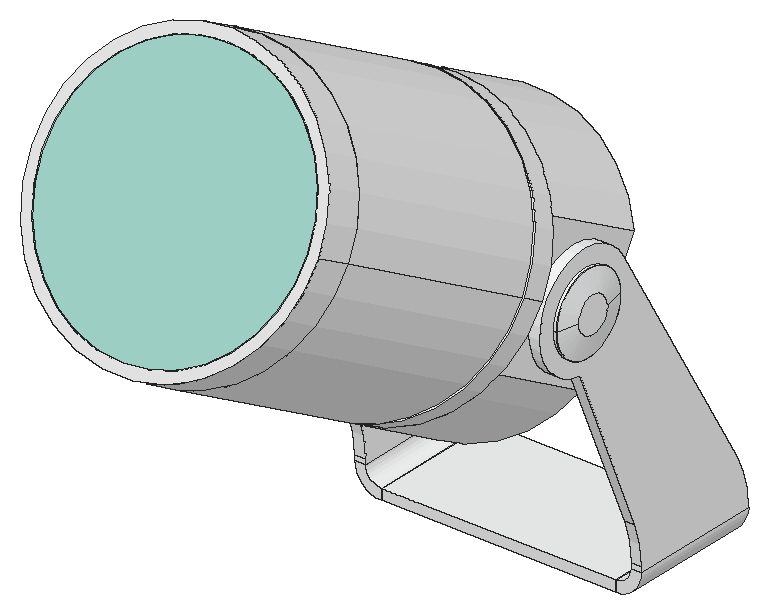
Revit family "Ginko 2.4", category Lighting Fixtures, Revit 2017
Family settings
  Round Connector Dimension = Use Diameter
  Part Type = Normal
  OmniClass Number = 23.80.70.00
  OmniClass Title = Lighting
  Work Plane-Based = Yes
  Always vertical = No
  Cut with Voids When Loaded = No
  Light Source = No
  Shared = No
  Room Calculation Point = Yes
Parameters (values of type "Ginko 2.4_ R1_zoom 9° (3000K 7W 24 Vdc)")
  X1 = 100 mm
  Wiring = "-"
  Width mm = 54 mm
  Weight kg = "0.45"
  Voltage = 24 V
  Vertical rotation max = 190.00°
  Vertical Rotation max_1 [instance] = 50.00°
  Vertical Rotation Adjusted [instance] = if(Vertical Rotation 2 < Vertical Rotation min, Vertical Rotation min, if(Vertical Rotation 2 > Vertical Rotation max_1, Vertical Rotation max_1, Vertical Rotation 2))  # -60.00°
  Vertical Rotation 2 [instance] = Vertical Rotation - 90.00°  # -60.00°
  Vertical Rotation min [instance] = -140.00°
  URL Accessories and power supply units = "https://www.lucelight.it/en/prodotto.php/106779#a-scheda-accessori"
  URL = "https://www.lucelight.it/en/prodotto.php/106779"
  Top = L&L_White
  URL Technical sheet = "https://www.lucelight.it/media/prodotti/st/ST_GINKO_24.pdf"
  URL Image = "https://www.lucelight.it/media/prodotti/foto/ginko_2.4_still.jpg"
  URL IES Photometric file = "https://www.lucelight.it/media/prodotti/fotometrie/ginko_2.4_ies.zip"
  URL General code = "https://www.lucelight.it/en/prodotto.php/106779#a-generacodice"
  URL Description = "https://www.lucelight.it/it/capitolato.php/106779"
  URL DXF = "https://www.lucelight.it/media/prodotti/dxf/ginko_2.4.dxf"
  URL Catalogue = "https://www.lucelight.it/media/prodotti/brochure/ginko_brochure_en.pdf"
  Power supply unit = "not included"
  Power supply = "24Vdc"
  Power cables = "includes 1,5 m neoprene cable, H05RN-F 2x0,75/0,75 Ø6,3 mm"
  Power = "7W"
  Optics = "9°"
  No. and type of led = "1 high intensity power LED; 3-step MacAdam; 50000h L90 B10 (Ta 25°C)"
  Model = "Ginko 2.4"
  Manufacturer = "L&L Luce&Light"
  Light Source = Light Source_2.4 : R1_zoom 9°
  Geometry = Ginko2.4_mod : Ginko_2.4
  Notes = "-"
  Mounting = "surface mounted (ceiling, wall, ground, spike)"
  Middle = L&L_White
  Material = "body in anticorodal aluminium, AISI 316L stainless steel bracket, screen in tempered, transparent extra-clear glass"
  Lumen output at source = "657 lm (3000K, CRI 80), 608 lm (3000K, CRI 90)"
  Description = "Outdoor projectors"
  Base = L&L_White
  Lens = L&L_Lens
  Length mm = 83 mm
  LED Colour = "3000K (also available: 2700K and 4000K - ref. URL Technical sheet)"
  IP = "66"
  Height mm = 125 mm
  H1 = 55 mm
  Vertical Rotation [instance] = 30.00°
  Features = "-"
  Energy efficiency class = "A A+ A++"
  Delivered lumen output = "122 lm (3000K, 36°, CRI 80); 113 lm (3000K, 36°, CRI 90)"
  Default Elevation = 1219.2 mm
  Cutout dimensions = "-"
  Control system = "-"
  Contact = "T: +39 0444 360571; E: lucelight@lucelight.it"
  Company = "L&L Luce&Light"
  Code = "GN2401 R1 E White; GN2401 R1 N Black anodized; GN2401 R1 F Grey; GN2401 R1 H Anthracite; GN2232 R1 T Cor-ten; GN2401 R1 5 Jasper green"
  CRI = "90 (also available: CRI 80 - ref. URL Technical sheet)"
  Base bracket = Ginko2.0_Base bracket : Ginko2.0_Base bracket
  Bracket = L&L_Stainless steel
  Apparent Load Phase 1 = 7 W
Types (4, lengths in mm): name | Optics | Light Source
  Ginko 2.4_ R1_zoom 18° (3000K 7W 24 Vdc) | "18°" | Light Source_2.4 : R1_zoom 18°
  Ginko 2.4_ R1_zoom 31° (3000K 7W 24 Vdc) | "31°" | Light Source_2.4 : R1_zoom 31°
  Ginko 2.4_ R1_zoom 36° (3000K 7W 24 Vdc) | "36°" | Light Source_2.4 : R1_zoom 36°
  Ginko 2.4_ R1_zoom 9° (3000K 7W 24 Vdc) | "9°" | Light Source_2.4 : R1_zoom 9°
Reference planes
  plane 1 "Light Source Axis (F/B)": y = 0
  plane 2: z = 0
  plane 3 "Light Source Axis (L/R)": x = 0
  plane 4 "Light Source Elevation": z = 55
  plane 5: y = 100
Lines and regions (mm)
  reference lines
    curve 1: line (0, 100, 55) -> (0, 151.962, 25)
Dimensions and locks
  "X1": plane 1 "Light Source Axis (F/B)" to plane 5
  "H1": level to plane 4 "Light Source Elevation"
  "Vertical Rotation Adjusted": angle plane 1 "Light Source Axis (F/B)" to curve 1
  aligned and locked: level to plane 2
  aligned and locked: plane 5 to curve 1
  aligned and locked: plane 4 "Light Source Elevation" to curve 1
Nested families
  nested 1: "Ginko2.0_Base bracket" at (0, 100, 0), type <- "Base bracket", type "Ginko2.0_Base bracket"
  nested 2: "Ginko2.4_mod" at (0, 108.66, 50) x (1, 0, 0) z (0, -0.866, 0.5), type <- "Geometry", type "Ginko_2.4"
  nested 3: "Light Source_2.4" at (0.041, 37.057, 91.379) x (0, 0.5, 0.866) z (0, -0.866, 0.5), type <- "Light Source", type "R1_zoom 9°"
Connectors
  electrical at (0, 100, 0), driven by "Voltage", driven by "Apparent Load Phase 1"
    settings: index 1, voltage 24 V, apparent load 0 VA, apparent load phase1 7 VA, apparent load phase2 0 VA, apparent load phase3 0 VA, power factor 1, load classification "Lighting", number of poles 1, system type 31, power factor state 1, is connector primary yes, connector utility no, sub classification motor no, connector description ""
Definition of nested family "Ginko2.0_Base bracket"
  Parameters (values of type "Ginko2.0_Base bracket")
    Lenght Ginko braket 4 = 0.7 mm
    Lenght Ginko braket 3 = 1.6 mm
    Lenght Ginko braket 2 = 43.391 mm
    Lenght Ginko braket = 84 mm
    Default Elevation = 1219.2 mm
    Base Braket = none
  Reference planes
    plane 1 "Light Source Axis (F/B)": y = 0
    plane 2: z = 0
    plane 3 "Light Source Axis (L/R)": x = 0
    plane 4 "Light Source Elevation": z = 1500
    plane 5: x = 0
  Forms (mm)
    Extrusion 1, solid, material <- "Base Braket", detail levels coarse
      sketch origin (27, -86.295, 0) x (0, 1, 0) y (0, 0, -1)
        loop
          line (103.615, 0) -> (78.12, -60.061) -> (95.061, -60.061) -> (130.209, 0) -> (103.615, 0)
      from 0 to 54
    Extrusion 2, solid, material <- "Base Braket", detail levels medium+fine
      sketch origin (-0.3, 0, 0) x (1, 0, 0) y (0, 1, 0)
        loop
          line (22.3, 38.11) -> (-21.7, 38.11) -> (-21.7, 13.11) -> (22.3, 13.11) -> (22.3, 38.11)
      from 0 to 2
    Extrusion 3, solid, material <- "Base Braket", detail levels medium
      sketch origin (-27, 246.043, -311.567) x (0, -1, 0) y (0, 0, -1)
        loop
          arc (237.371, -371.871) -> (255.236, -372.292) -> (247.606, -356.133) r 10.5
          line (247.606, -356.133) -> (234.523, -325.313)
          arc (234.523, -325.313) -> (233.335, -321.486) -> (232.933, -317.498) r 20
          line (232.933, -317.498) -> (232.933, -316.567) -> (207.938, -316.567)
          arc (207.938, -316.567) -> (208.686, -321.582) -> (210.672, -326.247) r 20
          line (210.672, -326.247) -> (237.371, -371.871)
      from 0 to 2
    Extrusion 4, solid, material <- "Base Braket", detail levels medium
      sketch origin (151.029, 38.11, 0.083) x (-1, 0, 0) y (0, 0, -1)
        loop
          line (176.029, -4.917) -> (178.029, -4.917)
          arc (178.029, -4.917) -> (176.565, -1.382) -> (173.029, 0.083) r 5
          line (173.029, 0.083) -> (173.029, -1.917)
          arc (173.029, -1.917) -> (175.15, -2.796) -> (176.029, -4.917) r 3
      from 0 to 25
    Extrusion 5, solid, material <- "Base Braket", detail levels fine
      sketch origin (151.029, 38.11, 0.083) x (-1, 0, 0) y (0, 0, -1)
        loop
          line (176.029, -4.917) -> (178.029, -4.917)
          arc (178.029, -4.917) -> (176.565, -1.382) -> (173.029, 0.083) r 5
          line (173.029, 0.083) -> (173.029, -1.917)
          arc (173.029, -1.917) -> (175.15, -2.796) -> (176.029, -4.917) r 3
      from 0 to 25
    Extrusion 6, solid, material <- "Base Braket", detail levels fine
      sketch origin (-27, 246.043, -311.567) x (0, -1, 0) y (0, 0, -1)
        loop
          arc (237.371, -371.871) -> (255.236, -372.292) -> (247.606, -356.133) r 10.5
          line (247.606, -356.133) -> (234.523, -325.313)
          arc (234.523, -325.313) -> (233.335, -321.486) -> (232.933, -317.498) r 20
          line (232.933, -317.498) -> (232.933, -316.567) -> (207.938, -316.567)
          arc (207.938, -316.567) -> (208.686, -321.582) -> (210.672, -326.247) r 20
          line (210.672, -326.247) -> (237.371, -371.871)
      from 0 to 2
    Extrusion 7, solid, material <- "Base Braket", detail levels fine
      sketch origin (-27, 0, 0) x (0, 1, 0) y (0, 0, -1)
        loop
          circle (-0.39, -54.917) r 7.5
      from 0 to 0.7
    Blend 8, solid, material <- "Base Braket", detail levels fine
      base sketch origin (-27, 0, 0) x (0, 1, 0) y (0, 0, -1)
        loop
          circle (-0.39, -54.917) r 7.5
      top sketch origin (-27, 0, 0) x (0, 1, 0) y (0, 0, -1)
        loop
          circle (-0.39, -54.917) r 3.35
      from 0.7 to 1.6
    Extrusion 9, solid, material <- "Base Braket", detail levels fine
      sketch origin (-151.029, 38.11, 0.083) x (1, 0, 0) y (0, 0, 1)
        loop
          arc (176.029, 4.917) -> (175.15, 2.796) -> (173.029, 1.917) r 3
          line (173.029, 1.917) -> (173.029, -0.083)
          arc (173.029, -0.083) -> (176.565, 1.382) -> (178.029, 4.917) r 5
          line (178.029, 4.917) -> (176.029, 4.917)
      from 0 to 25
    Extrusion 10, solid, material <- "Base Braket", detail levels fine
      sketch origin (27, 246.043, -311.567) x (0, -1, 0) y (0, 0, 1)
        loop
          line (237.371, 371.871) -> (210.672, 326.247)
          arc (210.672, 326.247) -> (208.686, 321.582) -> (207.938, 316.567) r 20
          line (207.938, 316.567) -> (232.933, 316.567) -> (232.933, 317.498)
          arc (232.933, 317.498) -> (233.335, 321.486) -> (234.523, 325.313) r 20
          line (234.523, 325.313) -> (247.606, 356.133)
          arc (247.606, 356.133) -> (255.236, 372.292) -> (237.371, 371.871) r 10.5
      from 0 to 2
    Extrusion 11, solid, material <- "Base Braket", detail levels fine
      sketch origin (27, 0, 0) x (0, 1, 0) y (0, 0, 1)
        loop
          circle (-0.39, 54.917) r 7.5
      from 0 to 0.7
    Blend 12, solid, material <- "Base Braket", detail levels fine
      base sketch origin (27, 0, 0) x (0, 1, 0) y (0, 0, 1)
        loop
          circle (-0.39, 54.917) r 7.5
      top sketch origin (27, 0, 0) x (0, 1, 0) y (0, 0, 1)
        loop
          circle (-0.39, 54.917) r 3.35
      from 0.7 to 1.6
    Extrusion 13, solid, material <- "Base Braket", detail levels medium
      sketch origin (27, 246.043, -311.567) x (0, -1, 0) y (0, 0, 1)
        loop
          line (237.371, 371.871) -> (210.672, 326.247)
          arc (210.672, 326.247) -> (208.686, 321.582) -> (207.938, 316.567) r 20
          line (207.938, 316.567) -> (232.933, 316.567) -> (232.933, 317.498)
          arc (232.933, 317.498) -> (233.335, 321.486) -> (234.523, 325.313) r 20
          line (234.523, 325.313) -> (247.606, 356.133)
          arc (247.606, 356.133) -> (255.236, 372.292) -> (237.371, 371.871) r 10.5
      from 0 to 2
    Extrusion 14, solid, material <- "Base Braket", detail levels medium
      sketch origin (-151.029, 38.11, 0.083) x (1, 0, 0) y (0, 0, 1)
        loop
          arc (176.029, 4.917) -> (175.15, 2.796) -> (173.029, 1.917) r 3
          line (173.029, 1.917) -> (173.029, -0.083)
          arc (173.029, -0.083) -> (176.565, 1.382) -> (178.029, 4.917) r 5
          line (178.029, 4.917) -> (176.029, 4.917)
      from 0 to 25
  Dimensions and locks
    aligned and locked: level to plane 2
Definition of nested family "Ginko2.4_mod"
  Parameters (values of type "Ginko_2.4")
    Upper Snoot = none
    Radius bottom = 24.95 mm
    Radius Ginko middle = 26 mm
    Radius Ginko inside = 24.95 mm
    Radius Ginko = 27 mm
    Middle ring 3.4 = no
    Middle ring 1.4 = no
    Middle ring = yes
    Middle Snoot = none
    Lower Snoot = none
    Lens = none
    Height middle ring = 4.361 mm
    Height lower ring = 26.7 mm
    Height Ginko up = 8 mm
    Height Ginko glass = 81.7 mm
    Height Ginko bottom = 75 mm
    Height Ginko = 82.7 mm
    Default Elevation = 1219.2 mm
  Reference planes
    plane 1 "Light Source Axis (F/B)": y = 0
    plane 2: z = 0
    plane 3 "Light Source Axis (L/R)": x = 0
    plane 4 "Light Source Elevation": z = 1500
    plane 5: z = 82.7
    plane 6: z = 81.7
    plane 7: z = 50.5
    plane 8: z = 74.7
    plane 9: z = 57.9
    plane 10: z = 26.7
    plane 11: z = 27.7
    plane 12: z = 13.35
  Forms (mm)
    Extrusion 1, solid, material <- "Lower Snoot", detail levels coarse
      sketch origin (0, 0, 0) x (1, 0, 0) y (0, 1, 0)
        loop
          circle (0, 0) r 27
      from 0 to 82.7
    Extrusion 2, solid, material <- "Lower Snoot", detail levels medium
      sketch origin (0, 0, 0) x (1, 0, 0) y (0, 1, 0)
        loop
          circle (0, 0) r 27
        loop
          circle (0, 0) r 24.95
      from 22 to 82.7
    Extrusion 3, solid, material <- "Lens", detail levels medium
      sketch origin (0, 0, 57.2) x (1, 0, 0) y (0, 1, 0)
        loop
          circle (0, 0) r 24.95
      from 24.5 to 25.5
    Extrusion 4, solid, material <- "Lower Snoot", detail levels fine
      sketch origin (0, 0, -27.3) x (1, 0, 0) y (0, 1, 0)
        loop
          circle (0, 0) r 27
      from 49.3 to 54
    Extrusion 5, solid, material <- "Middle Snoot", detail levels fine
      sketch origin (0, 0, 0) x (1, 0, 0) y (0, 1, 0)
        loop
          circle (0, 0) r 26
      from 26.7 to 27.7
    Extrusion 6, solid, material <- "Upper Snoot", detail levels fine
      sketch origin (0, 0, 0.2) x (1, 0, 0) y (0, 1, 0)
        loop
          circle (0, 0) r 27
        loop
          circle (0, 0) r 24.95
      from 74.5 to 82.5
    Extrusion 7, solid, material <- "Middle Snoot", visible <- "Middle ring", detail levels fine
      sketch origin (0, 0, 0.2) x (1, 0, 0) y (0, 1, 0)
        loop
          circle (0, 0) r 27
        loop
          circle (0, 0) r 24.95
      from 27.3 to 74.5
    Extrusion 8, solid, material <- "Lens", detail levels fine
      sketch origin (0, 0, 57.2) x (1, 0, 0) y (0, 1, 0)
        loop
          circle (0, 0) r 24.95
      from 24.5 to 25.5
    Extrusion 9, solid, material <- "Lower Snoot", detail levels fine
      sketch origin (0, 0, -49.3) x (1, 0, 0) y (0, 1, 0)
        loop
          arc (-24, -12.369) -> (0, -27) -> (24, -12.369) r 27
          line (24, -12.369) -> (24, 12.369)
          arc (24, 12.369) -> (0, 27) -> (-24, 12.369) r 27
          line (-24, 12.369) -> (-24, -12.369)
      from 49.3 to 71.3
    Extrusion 10, solid, material <- "Lower Snoot", detail levels medium
      sketch origin (0, 0, 22) x (1, 0, 0) y (0, 1, 0)
        loop
          circle (0, 0) r 24.95
      from 0 to 1.5
    Extrusion 11, solid, material <- "Lower Snoot", detail levels medium
      sketch origin (0, 0, -67.612) x (1, 0, 0) y (0, 1, 0)
        loop
          arc (-24, -12.369) -> (0, -27) -> (24, -12.369) r 27
          line (24, -12.369) -> (24, 12.369)
          arc (24, 12.369) -> (0, 27) -> (-24, 12.369) r 27
          line (-24, 12.369) -> (-24, -12.369)
      from 67.612 to 89.612
  Cuts and joins
    joined: Extrusion 4, Extrusion 9
    joined: Extrusion 2, Extrusion 11
  Dimensions and locks
    plane 5 to plane 2 = 82.7 mm
    "Height Ginko": plane 5 to level
    "Height Ginko glass": plane 6 to plane 2
    level to plane 7 = 50.5 mm
    Extrusion 8 to Extrusion 6 = 1 mm
    locked: Extrusion 3 to Extrusion 2 at 1
    "Height lower ring": level to plane 10
    locked: plane 10 to plane 11 at 1
    plane 5 to plane 6 = 1 mm
    "Height Ginko up": plane 8 to plane 5
    equal spacing: plane 10, plane 12, plane 2
    "Radius Ginko": radius of Extrusion 1 sketch curve
    "Radius Ginko": radius of Extrusion 2 sketch curve
    "Radius Ginko inside": radius of Extrusion 2 sketch curve
    "Radius bottom": radius of Extrusion 3 sketch curve
    "Radius Ginko": radius of Extrusion 6 sketch curve
    "Radius Ginko inside": radius of Extrusion 6 sketch curve
    "Radius Ginko": radius of Extrusion 4 sketch curve
    "Radius Ginko middle": radius of Extrusion 5 sketch curve
    "Radius Ginko inside": radius of Extrusion 8 sketch curve
    "Radius bottom": radius of Extrusion 10 sketch curve
    aligned and locked: level to plane 2
    aligned and locked: plane 5 to Extrusion 1
    aligned and locked: plane 5 to Extrusion 2
    aligned and locked: plane 5 to Extrusion 6
    aligned and locked: plane 5 to Extrusion 3
    aligned and locked: Extrusion 4 to Extrusion 5
    aligned and locked: plane 10 to Extrusion 4
    aligned and locked: Extrusion 5 to plane 10
    aligned and locked: Extrusion 5 to plane 11
    aligned and locked: Extrusion 8 to plane 6
    aligned and locked: plane 5 to Extrusion 8
    aligned and locked: Extrusion 6 to Extrusion 8
    aligned and locked: plane 8 to Extrusion 6
  Automatic sketch dimensions
    Extrusion 7 sketch curve to Extrusion 7 sketch curve = 0 mm  (x2)
    plane 1 "Light Source Axis (F/B)" to Extrusion 7 sketch curve = 0 mm
    Extrusion 7 sketch curve to plane 3 "Light Source Axis (L/R)" = 0 mm
    Extrusion 9 sketch curve to Extrusion 9 sketch curve = 0 mm  (x2)
    plane 1 "Light Source Axis (F/B)" to Extrusion 9 sketch curve = 0 mm
    Extrusion 9 sketch curve to plane 3 "Light Source Axis (L/R)" = 0 mm
    Extrusion 9 sketch curve to plane 1 "Light Source Axis (F/B)" = 12.369 mm  (x2)
    Extrusion 9 sketch curve to plane 3 "Light Source Axis (L/R)" = 24 mm
    plane 1 "Light Source Axis (F/B)" to Extrusion 9 sketch curve = 12.369 mm
    Extrusion 11 sketch curve to plane 3 "Light Source Axis (L/R)" = 24 mm
    plane 1 "Light Source Axis (F/B)" to Extrusion 11 sketch curve = 12.369 mm
    Extrusion 11 sketch curve to plane 1 "Light Source Axis (F/B)" = 12.369 mm  (x2)
    Extrusion 11 sketch curve to Extrusion 11 sketch curve = 0 mm  (x2)
    plane 1 "Light Source Axis (F/B)" to Extrusion 11 sketch curve = 0 mm
    Extrusion 11 sketch curve to plane 3 "Light Source Axis (L/R)" = 0 mm
    plane 1 "Light Source Axis (F/B)" to Extrusion 1 sketch curve = 0 mm
    Extrusion 1 sketch curve to plane 3 "Light Source Axis (L/R)" = 0 mm
    Extrusion 2 sketch curve to Extrusion 2 sketch curve = 0 mm  (x2)
    plane 1 "Light Source Axis (F/B)" to Extrusion 2 sketch curve = 0 mm
    Extrusion 2 sketch curve to plane 3 "Light Source Axis (L/R)" = 0 mm
    plane 1 "Light Source Axis (F/B)" to Extrusion 3 sketch curve = 0 mm
    Extrusion 3 sketch curve to plane 3 "Light Source Axis (L/R)" = 0 mm
    plane 1 "Light Source Axis (F/B)" to Extrusion 4 sketch curve = 0 mm
    Extrusion 4 sketch curve to plane 3 "Light Source Axis (L/R)" = 0 mm
    plane 1 "Light Source Axis (F/B)" to Extrusion 5 sketch curve = 0 mm
    Extrusion 5 sketch curve to plane 3 "Light Source Axis (L/R)" = 0 mm
    Extrusion 6 sketch curve to Extrusion 6 sketch curve = 0 mm  (x2)
    plane 1 "Light Source Axis (F/B)" to Extrusion 6 sketch curve = 0 mm
    Extrusion 6 sketch curve to plane 3 "Light Source Axis (L/R)" = 0 mm
    plane 1 "Light Source Axis (F/B)" to Extrusion 8 sketch curve = 0 mm
    Extrusion 8 sketch curve to plane 3 "Light Source Axis (L/R)" = 0 mm
    plane 1 "Light Source Axis (F/B)" to Extrusion 10 sketch curve = 0 mm
    Extrusion 10 sketch curve to plane 3 "Light Source Axis (L/R)" = 0 mm
    radius of Extrusion 7 sketch curve = 27 mm
    radius of Extrusion 7 sketch curve = 24.95 mm
Definition of nested family "Light Source_2.4"
  Parameters (values of type "R1_zoom 9°")
    Wattage = 4.09312 W
    built-in parameter 1150110 = 1 (stored number, unit not read)
    built-in parameter 1114217 = 1 (stored number, unit not read)
    Tilt Angle = 90.00°
    built-in parameter 1150109 = 1 (stored number, unit not read)
    built-in parameter 1150134 = (empty or 0)
    built-in parameter 1150113 = 1 (stored number, unit not read)
    Photometric Web File = "GINKO 2.4 R1 zoom 9° [3000K 7W 24Vdc].IES"
    Lumens = 608 lm
    built-in parameter 1150115 = 1 (stored number, unit not read)
    built-in parameter 1150105 = 48.383 (stored number, unit not read)
    built-in parameter 1150137 = (empty or 0)
    built-in parameter 1150139 = (empty or 0)
    built-in parameter 1150112 = 1 (stored number, unit not read)
    built-in parameter 1150114 = 1 (stored number, unit not read)
    built-in parameter 1150132 = 2
    built-in parameter 1150102 = (empty or 0)
    built-in parameter 1150138 = (empty or 0)
    built-in parameter 1150107 = 3000 (stored number, unit not read)
    built-in parameter 1150106 = 0.48383 (stored number, unit not read)
    built-in parameter 1150104 = 13.8 (stored number, unit not read)
    Dimming Lamp Color Temperature Shift = (empty or 0)
    Default Elevation = 1219.2 mm
    Color Filter = 16777215
    built-in parameter 1114218 = 1 (stored number, unit not read)
    built-in parameter 1150133 = 10 (stored number, unit not read)
  Types (4, lengths in mm): name | Photometric Web File
    R1_zoom 9° | "GINKO 2.4 R1 zoom 9° [3000K 7W 24Vdc].IES"
    R1_zoom 18° | "GINKO 2.4 R1 zoom 18° [3000K 7W 24Vdc].IES"
    R1_zoom 31° | "GINKO 2.4 R1 zoom 31 °[3000K 7W 24Vdc].IES"
    R1_zoom 36° | "GINKO 2.4 R1 zoom 36°[3000K 7W 24Vdc].IES"
  Reference planes
    plane 1 "Light Source Axis (F/B)": y = 0
    plane 2: z = 0
    plane 3 "Light Source Axis (L/R)": x = 0
    plane 4 "Light Source Elevation": z = 0
  Dimensions and locks
    aligned and locked: plane 3 "Light Source Axis (L/R)" to imposter light
    aligned and locked: plane 1 "Light Source Axis (F/B)" to imposter light
    aligned and locked: plane 4 "Light Source Elevation" to imposter light
    aligned and locked: level to plane 2
